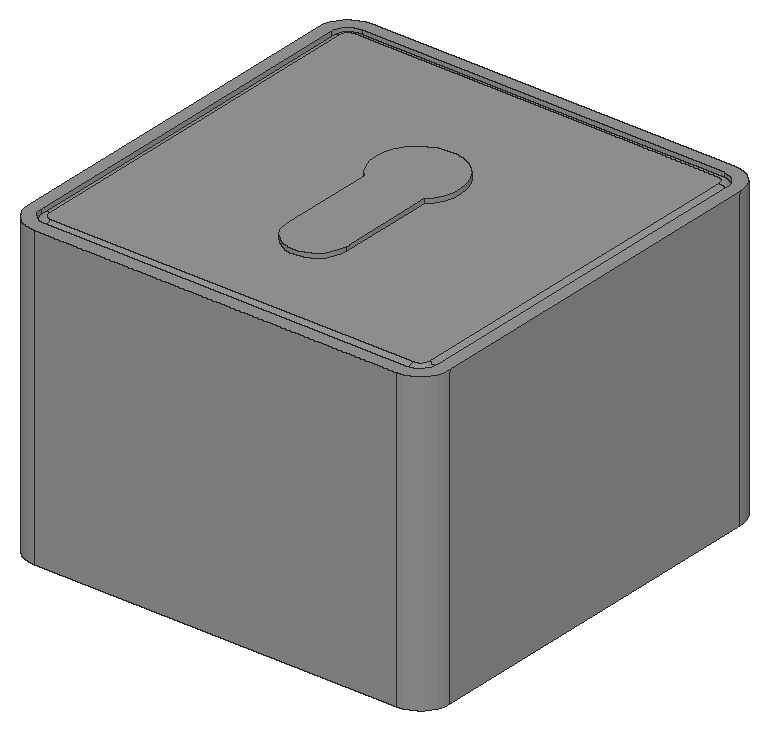
Revit family "Key Switch_Surface", category Generic Models, host Face, Revit 2017
Family settings
  Host = Face
  Can host rebar = No
  Round Connector Dimension = Use Diameter
  Part Type = Normal
  Cut with Voids When Loaded = No
  Shared = No
  Room Calculation Point = No
Parameters
  URL = "http://www.automatics.cl/"
  Type Comments = "Switch con llave de superficie"
  Tipo = "Switch con llave"
  Model = "Spring-operated Key Switch"
  Marco = Plastic, Opaque Grey
  Manufacturer = "G-U"
  Fondo = 71 mm
  Description = "Switch con llave de superficie"
  Default Elevation = 1219.2 mm
  Cuerpo = Plastic, Opaque White
  Contacto Teléfono = "56 9 9789 7122"
  Contacto Nombre = "Carlos Leiva"
  Contacto Correo = "Carlos.Leiva@g-u.cl"
  Cerradura = Plastic, Opaque Grey
  Ancho = 100 mm
  Alto = 100 mm
Reference planes
  plane 1 "Center (Front/Back)": y = 0
  plane 2: z = 0
  plane 3 "Center (Left/Right)": x = 0
Forms (mm)
  Extrusion 1, solid, material "Plastic, Opaque Grey" <- "Marco"
    sketch origin (0, 0, 0) x (1, 0, 0) y (0, 1, 0)
      loop
        arc (-43, 50) -> (-47.95, 47.95) -> (-50, 43) r 7
        line (-50, 43) -> (-50, -43)
        arc (-50, -43) -> (-47.95, -47.95) -> (-43, -50) r 7
        line (-43, -50) -> (43, -50)
        arc (43, -50) -> (47.95, -47.95) -> (50, -43) r 7
        line (50, -43) -> (50, 43)
        arc (50, 43) -> (47.95, 47.95) -> (43, 50) r 7
        line (43, 50) -> (-43, 50)
      loop
        line (43, 47) -> (-43, 47)
        arc (-43, 47) -> (-45.828, 45.828) -> (-47, 43) r 4
        line (-47, 43) -> (-47, -43)
        arc (-47, -43) -> (-45.828, -45.828) -> (-43, -47) r 4
        line (-43, -47) -> (43, -47)
        arc (43, -47) -> (45.828, -45.828) -> (47, -43) r 4
        line (47, -43) -> (47, 43)
        arc (47, 43) -> (45.828, 45.828) -> (43, 47) r 4
    from 0 to 71 <- "Fondo"
  Extrusion 2, solid, material "Plastic, Opaque White" <- "Cuerpo"
    sketch origin (0, 0, 0) x (1, 0, 0) y (0, 1, 0)
      loop
        arc (-43, 47) -> (-45.828, 45.828) -> (-47, 43) r 4
        line (-47, 43) -> (-47, -43)
        arc (-47, -43) -> (-45.828, -45.828) -> (-43, -47) r 4
        line (-43, -47) -> (43, -47)
        arc (43, -47) -> (45.828, -45.828) -> (47, -43) r 4
        line (47, -43) -> (47, 43)
        arc (47, 43) -> (45.828, 45.828) -> (43, 47) r 4
        line (43, 47) -> (-43, 47)
    from 0 to 71 <- "Fondo"
  Sweep 3, void
    path origin (0, 0, 0) x (1, 0, 0) y (0, 1, 0)
      loop
        line (43, 47) -> (-43, 47)
        arc (-43, 47) -> (-45.828, 45.828) -> (-47, 43) r 4
        line (-47, 43) -> (-47, -43)
        arc (-47, -43) -> (-45.828, -45.828) -> (-43, -47) r 4
        line (-43, -47) -> (43, -47)
        arc (43, -47) -> (45.828, -45.828) -> (47, -43) r 4
        line (47, -43) -> (47, 43)
        arc (47, 43) -> (45.828, 45.828) -> (43, 47) r 4
    profile origin (0, 47, 0) x (0, -1, 0) y (0, 0, 1)
      loop
        line (2, 71) -> (2, 72) -> (-1, 72) -> (-1, 69) -> (0, 69)
        arc (0, 69) -> (0.586, 70.414) -> (2, 71) r 2
  Extrusion 4, solid, material "Plastic, Opaque Grey" <- "Cerradura"
    sketch origin (0, 0, 71) x (1, 0, 0) y (0, 1, 0)
      loop
        arc (7, 2.859) -> (0, 20) -> (-7, 2.859) r 10
        line (-7, 2.859) -> (-7, -20)
        arc (-7, -20) -> (0, -27) -> (7, -20) r 7
        line (7, -20) -> (7, 2.859)
    from 0 to 1
Cuts and joins
  Sweep 3 cuts Extrusion 2
Dimensions and locks
  locked: Extrusion 1 sketch curve to Extrusion 1 sketch curve at 3  (x4)
  equal spacing: Extrusion 1 sketch curve, plane 1 "Center (Front/Back)", Extrusion 1 sketch curve
  "Alto": Extrusion 1 sketch curve to Extrusion 1 sketch curve
  equal spacing: Extrusion 1 sketch curve, plane 3 "Center (Left/Right)", Extrusion 1 sketch curve
  "Ancho": Extrusion 1 sketch curve to Extrusion 1 sketch curve
  aligned and locked: plane 2 to host face
  aligned and locked: level to host face
Automatic sketch dimensions
  host sketch curve to host sketch curve = 2438.4 mm  (x2)
  Extrusion 2 sketch curve to plane 3 "Center (Left/Right)" = 47 mm
  Extrusion 2 sketch curve to Extrusion 2 sketch curve = 4 mm  (x3)
  plane 3 "Center (Left/Right)" to Extrusion 2 sketch curve = 43 mm  (x2)
  plane 1 "Center (Front/Back)" to Extrusion 2 sketch curve = 47 mm
  Extrusion 2 sketch curve to plane 1 "Center (Front/Back)" = 43 mm
  Sweep 3 sketch curve to plane 3 "Center (Left/Right)" = 47 mm
  Sweep 3 sketch curve to Sweep 3 sketch curve = 4 mm  (x3)
  plane 3 "Center (Left/Right)" to Sweep 3 sketch curve = 43 mm  (x2)
  plane 1 "Center (Front/Back)" to Sweep 3 sketch curve = 47 mm
  Sweep 3 sketch curve to plane 1 "Center (Front/Back)" = 43 mm
  Sweep 3 sketch curve to profile plane = 0 mm
  Sweep 3 sketch curve to Sweep 3 sketch curve = 1 mm  (x2)
  Sweep 3 sketch curve to profile plane = 2 mm
  level to Sweep 3 sketch curve = 69 mm
  Extrusion 1 to Extrusion 4 sketch curve = 40 mm
  Extrusion 4 sketch curve to Extrusion 4 sketch curve = 7 mm  (x2)
  Extrusion 1 to Extrusion 4 sketch curve = 27 mm
  Extrusion 4 sketch curve to Extrusion 4 sketch curve = 22.859 mm
  Extrusion 4 sketch curve to Extrusion 4 sketch curve = 7.141 mm
  Extrusion 1 sketch curve to Extrusion 1 sketch curve = 0 mm  (x4)
  Extrusion 1 sketch curve to Extrusion 1 sketch curve = 4 mm  (x4)
